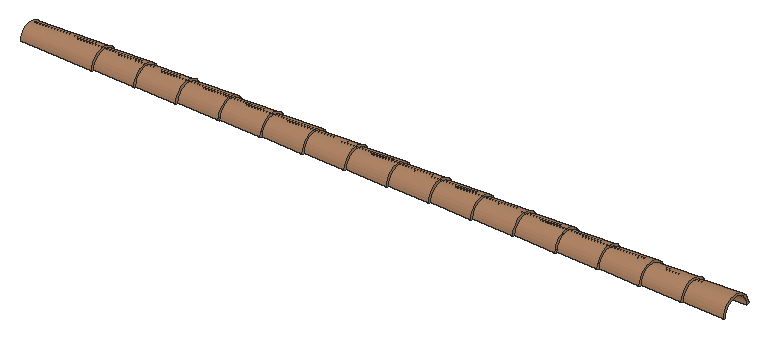
Revit family "RoofCap_Westlake-Royal-Roofing_HighProfileConcreteTiles", category Generic Models, Revit 2026
Family settings
  Can host rebar = No
  Round Connector Dimension = Use Diameter
  Part Type = Normal
  Classification Number = 23.35.20.11.14
  Cut with Voids When Loaded = No
  Maintain Annotation Orientation = No
  Shared = No
  Room Calculation Point = No
Parameters (values of type "Type as Specified in 07 32 16")
  capcount [instance] = [built-in parameter 1001306] / Cap Exposure  # 16
  Warranty Duration (Years) = 3
  URL = "https://westlakeroyalroofing.com/"
  Type Comments = ""
  Specification = "https://www.arcat.com/company/westlake-royal-roofing-solutions-34302/spec"
  Product Data = "https://www.arcat.com/arcatcos/cos34/arc34302.html"
  Model = "As Specified in 07 32 16"
  Material = Boral_Material-as-Specified
  Manufacturer = "Westlake Royal Roofing Solutions"
  Maintenance Schedule (Months) = 12
  built-in parameter 1001306 [instance] = 16' - 0"
  Keynote = "07 32 16"
  Installation Phase = "Exterior Roof Finishes"
  Green Building-LEED = "https://www.arcat.com/company/westlake-royal-roofing-solutions-34302/leed"
  Description = "Concrete Tile Cap As Specified in 07 32 16"
  Default Elevation = 0' - 0"
  Cost = 0
  Copyright = "2012, ARCAT, Inc."  # constant formula
  Cap Type [instance] = Roof Tile : As Specified in 07 32 16
  Cap Exposure = 1' - 0"
  Assembly Code = "B3010150"
Reference planes (in)
  plane 1 "Center (Front/Back)": y = -0.03947
  plane 2: z = 0
  plane 3 "Left": x = 0
  plane 4 "Right": x = 192
Lines and regions (in)
  reference lines
    curve 1: line (0, -0.03947, 0) -> (192, -0.03947, 0)
Dimensions and locks (in)
  "built-in parameter 1001306": plane 3 "Left" to plane 4 "Right"
  equal spacing: group 1, group 3, group 4, group 5, group 6, group 7, group 8, group 9, group 10, group 11, group 12, group 13, group 14, group 15, group 16, group 2  (x3)
  aligned and locked: plane 4 "Right" to curve 1
  aligned and locked: plane 1 "Center (Front/Back)" to curve 1
  aligned and locked: plane 3 "Left" to curve 1
  aligned and locked: plane 3 "Left" to nested 1
  aligned and locked: nested 1 to plane 1 "Center (Front/Back)"
  aligned and locked: nested 2 to plane 4 "Right"
  aligned: plane 4 "Right" to nested 2
  aligned and locked: nested 2 to plane 1 "Center (Front/Back)"
Nested families (in)
  nested 1: "Roof Tile" at (0, -0.03947, 0.13842) x (0, 1, 0) z (0, 0, 1), type <- "Cap Type", type "As Specified in 07 32 16"
  nested 2: "Roof Tile" at (172, -0.03947, 0.13842) x (0, 1, 0) z (0, 0, 1), type <- "Cap Type", type "As Specified in 07 32 16"
  nested 3: "Roof Tile" at (11.46667, -0.03947, 0.13842) x (0, 1, 0) z (0, 0, 1), type <- "Cap Type", type "As Specified in 07 32 16"
  nested 4: "Roof Tile" at (22.93333, -0.03947, 0.13842) x (0, 1, 0) z (0, 0, 1), type <- "Cap Type", type "As Specified in 07 32 16"
  nested 5: "Roof Tile" at (34.4, -0.03947, 0.13842) x (0, 1, 0) z (0, 0, 1), type <- "Cap Type", type "As Specified in 07 32 16"
  nested 6: "Roof Tile" at (45.86667, -0.03947, 0.13842) x (0, 1, 0) z (0, 0, 1), type <- "Cap Type", type "As Specified in 07 32 16"
  nested 7: "Roof Tile" at (57.33333, -0.03947, 0.13842) x (0, 1, 0) z (0, 0, 1), type <- "Cap Type", type "As Specified in 07 32 16"
  nested 8: "Roof Tile" at (68.8, -0.03947, 0.13842) x (0, 1, 0) z (0, 0, 1), type <- "Cap Type", type "As Specified in 07 32 16"
  nested 9: "Roof Tile" at (80.26667, -0.03947, 0.13842) x (0, 1, 0) z (0, 0, 1), type <- "Cap Type", type "As Specified in 07 32 16"
  nested 10: "Roof Tile" at (91.73333, -0.03947, 0.13842) x (0, 1, 0) z (0, 0, 1), type <- "Cap Type", type "As Specified in 07 32 16"
  nested 11: "Roof Tile" at (103.2, -0.03947, 0.13842) x (0, 1, 0) z (0, 0, 1), type <- "Cap Type", type "As Specified in 07 32 16"
  nested 12: "Roof Tile" at (114.66667, -0.03947, 0.13842) x (0, 1, 0) z (0, 0, 1), type <- "Cap Type", type "As Specified in 07 32 16"
  nested 13: "Roof Tile" at (126.13333, -0.03947, 0.13842) x (0, 1, 0) z (0, 0, 1), type <- "Cap Type", type "As Specified in 07 32 16"
  nested 14: "Roof Tile" at (137.6, -0.03947, 0.13842) x (0, 1, 0) z (0, 0, 1), type <- "Cap Type", type "As Specified in 07 32 16"
  nested 15: "Roof Tile" at (149.06667, -0.03947, 0.13842) x (0, 1, 0) z (0, 0, 1), type <- "Cap Type", type "As Specified in 07 32 16"
  nested 16: "Roof Tile" at (160.53333, -0.03947, 0.13842) x (0, 1, 0) z (0, 0, 1), type <- "Cap Type", type "As Specified in 07 32 16"
Definition of nested family "Roof Tile"
  Parameters
    Shingle Color = none
    Overall Length = 1' - 8"
    Exposure = 1' - 0"
    Default Elevation = 0' - 0"
    Assembly Code = ""
  Reference planes (in)
    plane 1 "Center (Front/Back)": y = 0
    plane 2: z = -0.13842
    plane 3 "Center (Left/Right)": x = 0
    plane 4: y = -12
    plane 5: y = -20
  Forms (in)
    Blend 1, solid, material <- "Shingle Color"
      base sketch origin (0, 0, 0) x (1, 0, 0) y (0, 0, 1)
        loop
          line (-4.24055, 0.1448) -> (-3.75, -0.13842)
          arc (-3.75, -0.13842) -> (0, 3.61158) -> (3.75, -0.13842) r 3.75
          line (3.75, -0.13842) -> (4.24055, 0.1448)
          arc (4.24055, 0.1448) -> (0, 4.11158) -> (-4.24055, 0.1448) r 4.25
      top sketch origin (0, 0, 0) x (1, 0, 0) y (0, 0, 1)
        loop
          line (-3.48861, 0.14368) -> (-3, -0.13842)
          arc (-3, -0.13842) -> (0, 2.86158) -> (3, -0.13842) r 3
          line (3, -0.13842) -> (3.48861, 0.14368)
          arc (3.48861, 0.14368) -> (0, 3.36158) -> (-3.48861, 0.14368) r 3.5
      from 20 to 0
  Dimensions and locks (in)
    "Exposure": plane 4 to plane 1 "Center (Front/Back)"
    "Overall Length": plane 5 to plane 1 "Center (Front/Back)"
    aligned and locked: Blend 1 to plane 5
    aligned and locked: Blend 1 to plane 1 "Center (Front/Back)"
  Automatic sketch dimensions
    Blend 1 sketch curve to Blend 1 sketch curve = 0' - 0"  (x4)
    level to Blend 1 sketch curve = 0' - 0.28322"  (x2)
    Blend 1 sketch curve to plane 3 "Center (Left/Right)" = 0' - 0"  (x2)
    Blend 1 sketch curve to Blend 1 sketch curve = 0' - 3 3/4"
    Blend 1 sketch curve to Blend 1 sketch curve = 0' - 0.49055"
    Blend 1 sketch curve to level = 0' - 0"  (x2)
    Blend 1 sketch curve to Blend 1 sketch curve = 0' - 3"
    Blend 1 sketch curve to Blend 1 sketch curve = 0' - 0.48861"
    level to Blend 1 sketch curve = 0' - 0.2821"  (x2)
